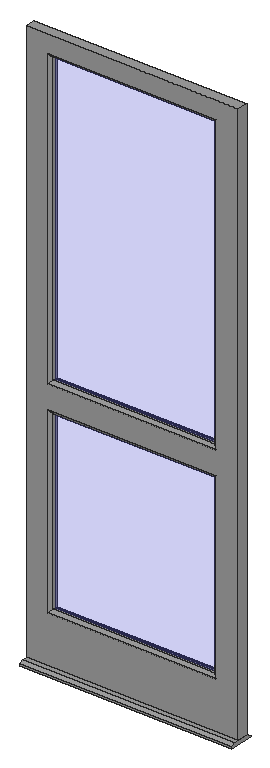
Revit family "MS-375 DOOR-VIP-0.25-SF_v04", category Curtain Panels, Revit 2015
Parameters
  Width [instance] = 3' - 2"
  VIP1 Panic Devices [instance] = no
  URL = "obe.com"
  Rough Width [instance] = 3' - 0"
  Panel Width [instance] = [Min-Max Rough Width]  # 3' - 0"
  Offset [instance] = 0' - 0"
  Model = "MS-375 DOOR"
  Min-Max Rough Width [instance] = if(and((Rough Width > 2' 11 255/256"), (Rough Width < 3' 6 1/256")), Rough Width, 3' 0")  # 3' - 0"
  Manufacturer = "Oldcastle BuildingEnvelope®"
  Keynote = "08 11 00"
  Hinge [instance] = yes
  Height [instance] = 8' - 0"
  Pushbar Height [instance] = 3' - 5 1/4"  # constant formula
  Glass Material = Glass
  Frame Material = Aluminum
  Door Panel Height [instance] = Height + 0' 0 1/2"  # 8' - 0 1/2"
  Description = "MS-375 - 1/4\" Door Infill"
  Assembly Code = "B2030"
  Analytic Construction = "<None>"
  8 Bottom Rail [instance] = yes
Reference planes (in)
  plane 1 "Front": y = 0
  plane 2: z = 0
  plane 3 "Center (Left/Right)": x = 0
  plane 4 "Left": x = -19
  plane 5 "Right": x = 19
  plane 6 "Top": z = 96
  plane 7: x = -18
  plane 8: x = 18
Text (in)
  text "Exterior" at (-54.29358, 31.38743, 0), in view "Ref. Level"
  text "Exterior" at (480, 41.53993, 89.60405), in view "Right"
  text "Exterior" at (-240, 57.82419, 105.78864), in view "Left"
Dimensions and locks (in)
  equal spacing: plane 4 "Left", plane 3 "Center (Left/Right)", plane 5 "Right"
  "Width": plane 4 "Left" to plane 5 "Right"
  "Height": plane 6 "Top" to plane 2
  equal spacing: plane 7, plane 3 "Center (Left/Right)", plane 8
  "Min-Max Rough Width": plane 7 to plane 8
  aligned and locked: level to plane 2
  aligned and locked: plane 3 "Center (Left/Right)" to nested 1
  aligned and locked: plane 1 "Front" to nested 1
Nested families (in)
  nested 1: "MS-375 DOOR-VIP-0.25-Panel_v03" at (0, -16, 0), Frame Material <- "Frame Material", Glass Material <- "Glass Material", VIP1 Panic Devices <- "VIP1 Panic Devices", Hinge <- "Hinge", 8 Bottom Rail <- "8 Bottom Rail", Width <- "Min-Max Rough Width", Height <- "Door Panel Height", Offset <- "Offset", type "MS-375 DOOR-VIP-0.25-Panel_v03"
    with built-in parameter 1001301 3' - 0", VIP1 Panic Devices no, Pushbar Height 3' - 5 1/4", Offset 0' - 0", Hinge yes, built-in parameter 1001300 8' - 0 1/2", Glass at Muntin 0' - 4 9/16", Glass Material Glass, Frame Material Aluminum, Bottom Rail 0' - 8 31/32", 8 Bottom Rail yes
Definition of nested family "MS-375 DOOR-VIP-0.25-Panel_v03"
  Parameters (values of type "MS-375 DOOR-VIP-0.25-Panel_v03")
    Width [instance] = 3' - 6"
    VIP1 Panic Devices [instance] = yes
    Offset [instance] = 0' - 1"
    Hinge [instance] = yes
    Height [instance] = 8' - 0"
    Glass at Muntin [instance] = if(VIP1 Panic Devices, 0' 8 9/16", 0' 4 9/16")  # 0' - 8 9/16"
    Pushbar Height [instance] = 3' - 5 1/4"  # constant formula
    Glass Material [instance] = none
    Frame Material [instance] = none
    Bottom Rail [instance] = if([8 Bottom Rail], 0' 8 31/32", 0' 10 31/32")  # 0' - 10 31/32"
    8 Bottom Rail [instance] = no
  Reference planes (in)
    plane 1 "00": y = 14.0625
    plane 2: z = 0
    plane 3 "Center (Left/Right)": x = 0
    plane 4: z = 96
    plane 5: x = 21
    plane 6: x = -21
    plane 7 "Center (Front/Back)": y = 16
    plane 8 "Exterior": y = 14.1875
    plane 9: z = 48
    plane 10: z = 92.21875
    plane 11: x = 16.88167
    plane 12: x = -16.87021
    plane 13: y = 15
    plane 14: z = 36.96875
    plane 15: z = 45.53125
    plane 16: z = 92.21875
    plane 17: z = 41.25
  Forms (in)
    Sweep 1, solid, material <- "Frame Material"
      path origin (0, 14.0625, 0) x (1, 0, 0) y (0, 0, 1)
        loop
          line (-20.79133, 96) -> (20.80279, 96)
      profile origin (0.00573, 14.0625, 96) x (0, 0, 1) y (0, -1, 0)
        loop
          line (-0.5, -0.875) -> (-0.5, 0.875) -> (-3.49593, 0.875) -> (-4, 0.45204) -> (-4, 0.125) -> (-3.78125, 0.125) -> (-3.78125, -0.125) -> (-4, -0.125) -> (-4, -0.45204) -> (-3.49593, -0.875) -> (-0.5, -0.875)
    Extrusion 2, solid, material <- "Glass Material"
      sketch origin (0, 0, 0) x (0, 1, 0) y (0, 0, 1)
        loop
          line (14.1875, 36.96875) -> (13.9375, 36.96875) -> (13.9375, 10.96875) -> (14.1875, 10.96875) -> (14.1875, 36.96875)
      from -16.87021 to 16.88167
    Sweep 3, solid, material <- "Frame Material"
      path origin (0, 14.0625, 0) x (1, 0, 0) y (0, 0, 1)
        loop
          line (20.80279, 0) -> (-20.79133, 0)
      profile origin (0.00573, 14.0625, 0) x (0, 0, -1) y (0, -1, 0)
        loop
          line (-10.68343, -0.875) -> (-0.6875, -0.875) -> (-0.6875, 0.875) -> (-10.68343, 0.875) -> (-11.1875, 0.45204) -> (-11.1875, 0.125) -> (-10.96875, 0.125) -> (-10.96875, -0.125) -> (-11.1875, -0.125) -> (-11.1875, -0.45204) -> (-10.68343, -0.875)
    Sweep 4, solid, material <- "Frame Material"
      path origin (0, 14.0625, 0) x (1, 0, 0) y (0, 0, 1)
        loop
          line (21, 95.5) -> (21, 0.6875)
      profile origin (21, 14.0625, 48.09375) x (0, -1, 0) y (1, 0, 0)
        loop
          line (-0.875, -0.0878) -> (-0.875, -3.83301) -> (-0.45204, -4.33708) -> (-0.125, -4.33708) -> (-0.125, -4.11833) -> (0.125, -4.11833) -> (0.125, -4.33708) -> (0.45204, -4.33708) -> (0.875, -3.83301) -> (0.875, -0.19721) -> (-0.875, -0.0878)
    Sweep 5, solid, material <- "Frame Material"
      path origin (0, 14.0625, 0) x (1, 0, 0) y (0, 0, 1)
        loop
          line (-21, 95.5) -> (-21, 0.6875)
      profile origin (-21, 14.0625, 48.09375) x (0, -1, 0) y (1, 0, 0)
        loop
          line (-0.875, 0.09967) -> (0.875, 0.20867) -> (0.875, 3.84447) -> (0.45204, 4.34854) -> (0.125, 4.34854) -> (0.125, 4.12979) -> (-0.125, 4.12979) -> (-0.125, 4.34854) -> (-0.45204, 4.34854) -> (-0.875, 3.84447) -> (-0.875, 0.09967)
    Extrusion 6, solid, material <- "Glass Material"
      sketch origin (0, 0, 0) x (0, 1, 0) y (0, 0, 1)
        loop
          line (13.9375, 92.21875) -> (13.9375, 45.53125) -> (14.1875, 45.53125) -> (14.1875, 92.21875) -> (13.9375, 92.21875)
      from -16.87021 to 16.88167
    Sweep 7, solid, material <- "Frame Material"
      path origin (0, 14.0625, 0) x (1, 0, 0) y (0, 0, 1)
        loop
          line (20.80279, 48) -> (-20.79133, 48)
      profile origin (0.00573, 14.0625, 48) x (0, 0, -1) y (0, -1, 0)
        loop
          line (2.25, -0.45204) -> (2.75407, -0.875) -> (10.74593, -0.875) -> (11.25, -0.45204) -> (11.25, -0.125) -> (11.03125, -0.125) -> (11.03125, 0.125) -> (11.25, 0.125) -> (11.25, 0.45204) -> (10.74593, 0.875) -> (2.75407, 0.875) -> (2.25, 0.45204) -> (2.25, 0.125) -> (2.46875, 0.125) -> (2.46875, -0.125) -> (2.25, -0.125) -> (2.25, -0.45204)
    Sweep 8, solid, material <- "Frame Material"
      path origin (0, 14.0625, 0) x (1, 0, 0) y (0, 0, 1)
        loop
          line (-20.79133, 0) -> (20.80279, 0)
      profile origin (0.00573, 14.0625, 0) x (0, 0, 1) y (0, -1, 0)
        loop
          line (0.5, 1.5305) -> (0.19364, 2.1875) -> (0, 2.1875) -> (0, -1.8125) -> (0.19364, -1.8125) -> (0.5, -1.1555) -> (0.5, 1.5305)
  Cuts and joins
    joined: Sweep 1, Sweep 3, Sweep 4, Sweep 5, Sweep 7
  Lines and regions (in)
    model lines
      curve 1: line (16.88167, 14.1875, 92.21875) -> (-17.15553, 14.1875, 48)
      curve 2: line (-17.15553, 14.1875, 48) -> (19.13239, 14.1875, 10.96875)
  Dimensions and locks (in)
    "Height": plane 4 to level
    "Width": plane 6 to plane 5
    Extrusion 2 sketch curve to plane 1 "00" to Extrusion 2 sketch curve = 0' - 0 1/8" locked, 0' - 0 1/8" locked
    "Bottom Rail": Extrusion 2 sketch curve to level
    locked: plane 11 to plane 5 at 4.11833
    locked: plane 6 to plane 12 at 4.12979
    plane 1 "00" to plane 8 "Exterior" to plane 13 = 0' - 0 1/8" locked, 0' - 0 13/16" locked
    equal spacing: level, plane 9, plane 4
    locked: Sweep 3 sketch curve to plane 6 at 0.20867
    locked: plane 5 to Sweep 3 sketch curve at 0.19721
    locked: Sweep 4 sketch curve to plane 4 at 0.5
    locked: Sweep 5 sketch curve to plane 4 at 0.5
    locked: Sweep 1 sketch curve to plane 6 at 0.20867
    locked: plane 5 to Sweep 1 sketch curve at 0.19721
    "Bottom Rail": Sweep 3 sketch curve to level
    Sweep 3 sketch curve to Sweep 3 sketch curve to Sweep 3 sketch curve to Sweep 3 sketch curve to Sweep 3 sketch curve = 0' - 0" locked, 0' - 0 7/32" locked, 0' - 0.28532" locked, 0' - 0" locked
    Extrusion 6 sketch curve to plane 1 "00" to Extrusion 6 sketch curve = 0' - 0 1/8" locked, 0' - 0 1/8" locked
    locked: plane 5 to Sweep 7 sketch curve at 0.19721
    locked: Sweep 7 sketch curve to plane 6 at 0.20867
    equal spacing: plane 6, plane 3 "Center (Left/Right)", plane 5
    "Offset": plane 13 to plane 7 "Center (Front/Back)"
    locked: plane 16 to plane 4 at 3.78125
    locked: plane 15 to Sweep 7 sketch curve at 0.21875  (x2)
    locked: Sweep 7 sketch curve to plane 14 at 0.21875
    locked: plane 14 to Sweep 7 sketch curve at 0.21875
    "Glass at Muntin": plane 14 to plane 15
    equal spacing: plane 14, plane 17, plane 15
    "Pushbar Height": plane 2 to plane 17
    locked: plane 5 to Sweep 8 sketch curve at 0.19721
    locked: Sweep 8 sketch curve to plane 6 at 0.20867
    locked: Sweep 5 sketch curve to plane 2 at 0.6875
    locked: Sweep 4 sketch curve to plane 2 at 0.6875
    aligned and locked: plane 2 to level
    aligned and locked: Sweep 1 sketch curve to plane 4
    aligned and locked: Sweep 3 sketch curve to level
    aligned and locked: plane 5 to Sweep 4 sketch curve
    aligned and locked: plane 6 to Sweep 5 sketch curve
    aligned and locked: Sweep 7 sketch curve to plane 9
    aligned and locked: Extrusion 6 to plane 11
    aligned and locked: plane 12 to Extrusion 6  (x2)
    aligned and locked: Extrusion 6 to cut or joined group of Sweep 1, Sweep 3, Sweep 4, Sweep 5, Sweep 7
    aligned and locked: curve 1 to cut or joined group of Sweep 1, Sweep 3, Sweep 4, Sweep 5, Sweep 7
    aligned and locked: plane 9 to curve 1
    aligned and locked: curve 2 to Extrusion 2
    aligned and locked: plane 11 to Extrusion 6
    aligned and locked: Extrusion 2 to plane 11
    aligned and locked: plane 12 to Extrusion 2
    aligned and locked: plane 15 to Extrusion 6
    aligned and locked: Extrusion 2 to plane 14
    aligned and locked: Sweep 8 sketch curve to plane 2
  Automatic sketch dimensions
    profile plane to Sweep 1 sketch curve = 0' - 0 1/2"
    Sweep 1 sketch curve to plane 1 "00" = 0' - 0 7/8"
    Sweep 1 sketch curve to Sweep 1 sketch curve = 0' - 2.99593"
    Sweep 1 sketch curve to plane 1 "00" = 0' - 0.45204"
    Sweep 1 sketch curve to Sweep 1 sketch curve = 0' - 0.50407"  (x2)
    Sweep 1 sketch curve to plane 1 "00" = 0' - 0 1/8"
    Sweep 1 sketch curve to Sweep 1 sketch curve = 0' - 0 7/32"  (x2)
    plane 1 "00" to Sweep 1 sketch curve = 0' - 0 1/8"
    plane 1 "00" to Sweep 1 sketch curve = 0' - 0 7/8"
    Sweep 1 sketch curve to Sweep 1 sketch curve = 0' - 0.32704"
    level to Extrusion 6 sketch curve = 3' - 9 17/32"
    Extrusion 6 sketch curve to plane 4 = 0' - 3 25/32"
    Sweep 4 sketch curve to plane 1 "00" = 0' - 0 7/8"
    Sweep 4 sketch curve to plane 1 "00" = 0' - 0.45204"
    Sweep 4 sketch curve to plane 1 "00" = 0' - 0 1/8"
    plane 1 "00" to Sweep 4 sketch curve = 0' - 0 1/8"
    Sweep 4 sketch curve to Sweep 4 sketch curve = 0' - 0.32704"
    Sweep 4 sketch curve to Sweep 4 sketch curve = 0' - 0.42296"
    profile plane to Sweep 4 sketch curve = 0' - 4.33708"
    Sweep 4 sketch curve to Sweep 4 sketch curve = 0' - 0"
    Sweep 4 sketch curve to Sweep 4 sketch curve = 0' - 0 7/32"
    Sweep 4 sketch curve to Sweep 4 sketch curve = 0' - 0.50407"  (x2)
    profile plane to Sweep 4 sketch curve = 0' - 0.0878"
    profile plane to Sweep 4 sketch curve = 0' - 0.19721"
    Sweep 5 sketch curve to plane 1 "00" = 0' - 0 7/8"
    Sweep 5 sketch curve to plane 1 "00" = 0' - 0.45204"
    Sweep 5 sketch curve to plane 1 "00" = 0' - 0 1/8"
    plane 1 "00" to Sweep 5 sketch curve = 0' - 0 1/8"
    Sweep 5 sketch curve to Sweep 5 sketch curve = 0' - 0.32704"
    Sweep 5 sketch curve to Sweep 5 sketch curve = 0' - 0.42296"
    Sweep 5 sketch curve to profile plane = 0' - 3.84447"
    Sweep 5 sketch curve to Sweep 5 sketch curve = 0' - 0"
    Sweep 5 sketch curve to Sweep 5 sketch curve = 0' - 0.28532"
    Sweep 5 sketch curve to Sweep 5 sketch curve = 0' - 0 7/32"  (x2)
    Sweep 5 sketch curve to profile plane = 0' - 0.20867"
    Sweep 5 sketch curve to profile plane = 0' - 0.09967"
    curve 1 to plane 4 = 0' - 3 25/32"
    curve 2 to plane 12 = 0' - 0.28532"
    plane 11 to curve 2 = 0' - 2.25072"
    Sweep 7 sketch curve to plane 1 "00" = 0' - 0 1/8"  (x2)
    Sweep 7 sketch curve to plane 1 "00" = 0' - 0 7/8"
    Sweep 7 sketch curve to Sweep 7 sketch curve = 0' - 0.28532"  (x2)
    Sweep 7 sketch curve to Sweep 7 sketch curve = 0' - 0.50407"  (x2)
    Sweep 7 sketch curve to Sweep 7 sketch curve = 0' - 0.32704"  (x4)
    plane 1 "00" to Sweep 7 sketch curve = 0' - 0 1/8"  (x2)
    Sweep 7 sketch curve to Sweep 7 sketch curve = 0' - 0 7/32"  (x2)
    plane 1 "00" to Sweep 7 sketch curve = 0' - 0 7/8"
    Sweep 8 sketch curve to profile plane = 0' - 0.19364"  (x2)
    Sweep 8 sketch curve to plane 1 "00" = 0' - 1 13/16"
    Sweep 8 sketch curve to profile plane = 0' - 0 1/2"
    Sweep 8 sketch curve to Sweep 8 sketch curve = 0' - 0.657"  (x2)
    plane 1 "00" to Sweep 8 sketch curve = 0' - 2 3/16"
    Sweep 8 sketch curve to profile plane = 0' - 0"
    plane 14 to Extrusion 2 sketch curve = 0' - 0"
    profile plane to Sweep 3 sketch curve = 0' - 0 11/16"
    Sweep 3 sketch curve to plane 1 "00" = 0' - 0 7/8"
    Sweep 3 sketch curve to plane 1 "00" = 0' - 0.45204"
    Sweep 3 sketch curve to plane 1 "00" = 0' - 0 1/8"
    plane 1 "00" to Sweep 3 sketch curve = 0' - 0 1/8"
    Sweep 3 sketch curve to Sweep 3 sketch curve = 0' - 0.32704"
    Sweep 3 sketch curve to Sweep 3 sketch curve = 0' - 0.42296"
